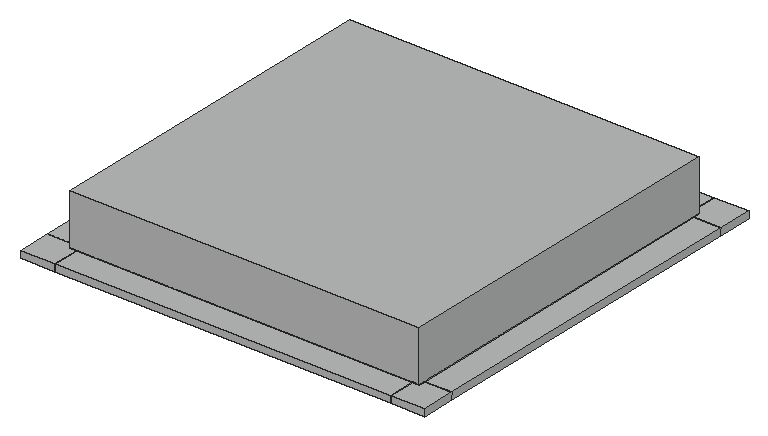
Revit family "ALUMOGIPS", category Осветительные приборы, Revit 2019 (continued)
Types (72, lengths in mm): name | Файл фотометрической сетки | built-in parameter 1150105 | Lumens | built-in parameter 1150106 | built-in parameter 1150142 | Wattage | Emit from Rectangle Width | Emit from Rectangle Length | Длина | Материал светильника | Ширина | ADSK_Ток | ADSK_Полная мощность | ADSK_Обозначение | ADSK_Номинальная мощность | ADSK_Наименование | ADSK_Масса | ADSK_Код изделия
    97 0.197 0.197 0.197 0.197 0.098 0.098 0.098 0.098 0.098 0.098 0.098 0.098 0.000 0.000 0.000 0.000 \r\n1417.637 1418.525 1416.551 1412.506 1405.994 1396.621 1384.781 1369.783 1352.419 1332.587 1311.077 1287.003 1261.053 1233.427 1203.827 1172.549 1139.497 1104.963 \r\n1069.345 1032.345 994.260 954.892 914.932 873.887 832.152 789.824 747.101 704.082 660.176 616.565 572.462 527.864 484.254 439.855 395.849 352.337 309.714 268.076 227.722 188.157 \r\n148.295 112.578 78.933 47.360 19.042 0.592 0.592 0.493 0.493 0.493 0.493 0.493 0.493 0.493 0.493 0.395 0.395 0.395 0.395 0.395 0.395 0.395 0.395 0.296 0.296 0.296 0.296 0.296 0.296 0.296 0.296 0.197 \r\n0.197 0.197 0.197 0.197 0.197 0.197 0.197 0.098 0.098 0.098 0.098 0.098 0.098 0.098 0.098 0.000 0.000 0.000 0.000 \r\n1417.637 1418.525 1416.453 1412.309 1405.796 1396.325 1384.485 1369.388 1352.024 1332.192 1310.584 1286.509 1260.560 1232.835 1203.235 1171.958 1138.905 1104.371 \r\n1068.654 1031.655 993.569 954.202 914.143 873.098 831.460 789.133 746.410 703.392 659.485 615.874 571.870 527.273 483.662 439.262 395.257 351.844 309.319 267.583 227.229 187.762 \r\n148.000 112.282 78.637 47.163 18.845 0.592 0.592 0.493 0.493 0.493 0.493 0.493 0.493 0.493 0.493 0.395 0.395 0.395 0.395 0.395 0.395 0.395 0.395 0.296 0.296 0.296 0.296 0.296 0.296 0.296 0.296 0.197 \r\n0.197 0.197 0.197 0.197 0.197 0.197 0.197 0.098 0.098 0.098 0.098 0.098 0.098 0.098 0.098 0.000 0.000 0.000 0.000 \r\n1417.637 1418.426 1416.354 1412.211 1405.501 1396.029 1384.090 1369.093 1351.629 1331.797 1310.189 1286.016 1259.968 1232.341 1202.643 1171.366 1138.214 1103.680 \r\n1068.062 1030.964 992.878 953.511 913.452 872.407 830.770 788.442 745.818 702.799 658.893 615.283 571.179 526.680 483.070 438.769 394.763 351.350 308.826 267.188 226.834 187.466 \r\n147.703 111.987 78.440 46.866 18.648 0.592 0.592 0.493 0.493 0.493 0.493 0.493 0.493 0.493 0.493 0.395 0.395 0.395 0.395 0.395 0.395 0.395 0.395 0.296 0.296 0.296 0.296 0.296 0.296 0.296 0.296 0.197 \r\n0.197 0.197 0.197 0.197 0.197 0.197 0.197 0.098 0.098 0.098 0.098 0.098 0.098 0.098 0.098 0.000 0.000 0.000 0.000 \r\n1417.637 1418.426 1416.255 1412.013 1405.303 1395.831 1383.794 1368.698 1351.234 1331.304 1309.696 1285.522 1259.474 1231.750 1202.051 1170.675 1137.622 1103.089 \r\n1067.372 1030.273 992.188 952.820 912.762 871.716 830.079 787.751 745.127 702.109 658.202 614.593 570.587 526.088 482.478 438.177 394.171 350.857 308.332 266.793 226.439 187.071 \r\n147.309 111.690 78.144 46.670 18.451 0.592 0.592 0.493 0.493 0.493 0.493 0.493 0.493 0.493 0.493 0.395 0.395 0.395 0.395 0.395 0.395 0.395 0.395 0.296 0.296 0.296 0.296 0.296 0.296 0.296 0.296 0.197 \r\n0.197 0.197 0.197 0.197 0.197 0.197 0.197 0.098 0.098 0.098 0.098 0.098 0.098 0.098 0.098 0.000 0.000 0.000 0.000 \r\n1417.637 1418.327 1416.156 1411.816 1405.106 1395.535 1383.498 1368.304 1350.839 1330.909 1309.203 1285.029 1258.981 1231.256 1201.459 1170.083 1137.030 1102.398 \r\n1066.680 1029.681 991.497 952.129 912.071 871.026 829.388 787.061 744.437 701.418 657.512 613.901 569.995 525.398 481.886 437.585 393.678 350.364 307.938 266.300 226.044 186.676 \r\n147.012 111.493 77.848 46.472 18.154 0.592 0.592 0.493 0.493 0.493 0.493 0.493 0.493 0.493 0.493 0.395 0.395 0.395 0.395 0.395 0.395 0.395 0.395 0.296 0.296 0.296 0.296 0.296 0.296 0.296 0.296 0.197 \r\n0.197 0.197 0.197 0.197 0.197 0.197 0.197 0.098 0.098 0.098 0.098 0.098 0.098 0.098 0.098 0.000 0.000 0.000 0.000 \r\n1417.637 1418.327 1416.058 1411.716 1404.810 1395.240 1383.202 1367.909 1350.445 1330.514 1308.808 1284.536 1258.488 1230.664 1200.867 1169.491 1136.339 1101.806 \r\n1066.089 1028.991 990.807 951.438 911.381 870.335 828.698 786.370 743.746 700.728 656.920 613.310 569.304 524.806 481.294 437.091 393.185 349.871 307.444 265.905 225.650 186.381 \r\n146.717 111.197 77.650 46.176 17.957 0.592 0.592 0.493 0.493 0.493 0.493 0.493 0.493 0.493 0.493 0.395 0.395 0.395 0.395 0.395 0.395 0.395 0.395 0.296 0.296 0.296 0.296 0.296 0.296 0.296 0.296 0.197 \r\n0.197 0.197 0.197 0.197 0.197 0.197 0.197 0.098 0.098 0.098 0.098 0.098 0.098 0.098 0.098 0.000 0.000 0.000 0.000 \r\n1417.637 1418.229 1415.960 1411.519 1404.613 1394.943 1382.807 1367.612 1350.051 1330.119 1308.315 1284.043 1257.896 1230.072 1200.275 1168.899 1135.748 1101.116 \r\n1065.398 1028.300 990.115 950.748 910.689 869.644 828.007 785.679 743.056 700.037 656.229 612.619 568.713 524.214 480.702 436.499 392.593 349.377 306.951 265.511 225.255 185.986 \r\n146.421 110.901 77.355 45.978 17.759 0.592 0.592 0.493 0.493 0.493 0.493 0.493 0.493 0.493 0.493 0.395 0.395 0.395 0.395 0.395 0.395 0.395 0.395 0.296 0.296 0.296 0.296 0.296 0.296 0.296 0.296 0.197 \r\n0.197 0.197 0.197 0.197 0.197 0.197 0.197 0.098 0.098 0.098 0.098 0.098 0.098 0.098 0.098 0.000 0.000 0.000 0.000 \r\n1417.637 1418.229 1415.861 1411.421 1404.415 1394.746 1382.512 1367.219 1349.656 1329.626 1307.821 1283.549 1257.403 1229.579 1199.782 1168.209 1135.155 1100.523 \r\n1064.708 1027.609 989.425 950.057 909.998 868.855 827.317 784.989 742.365 699.347 655.538 611.928 568.021 523.622 480.110 436.006 392.100 348.884 306.556 265.017 224.860 185.591 \r\n146.026 110.605 77.157 45.781 17.464 0.592 0.592 0.493 0.493 0.493 0.493 0.493 0.493 0.493 0.493 0.395 0.395 0.395 0.395 0.395 0.395 0.395 0.395 0.296 0.296 0.296 0.296 0.296 0.296 0.296 0.296 0.197 \r\n0.197 0.197 0.197 0.197 0.197 0.197 0.197 0.098 0.098 0.098 0.098 0.098 0.098 0.098 0.098 0.000 0.000 0.000 0.000 \r\n1417.637 1418.130 1415.762 1411.223 1404.218 1394.450 1382.216 1366.824 1349.261 1329.231 1307.427 1283.056 1256.910 1228.987 1199.190 1167.616 1134.563 1099.833 \r\n1064.016 1026.918 988.833 949.367 909.308 868.165 826.625 784.298 741.674 698.656 654.946 611.336 567.430 523.030 479.518 435.414 391.606 348.391 306.063 264.623 224.465 185.196 \r\n145.730 110.309 76.861 45.485 17.266 0.592 0.592 0.493 0.493 0.493 0.493 0.493 0.493 0.493 0.493 0.395 0.395 0.395 0.395 0.395 0.395 0.395 0.395 0.296 0.296 0.296 0.296 0.296 0.296 0.296 0.296 0.197 \r\n0.197 0.197 0.197 0.197 0.197 0.197 0.197 0.098 0.098 0.098 0.098 0.098 0.098 0.098 0.098 0.000 0.000 0.000 0.000 \r\n1417.637 1418.130 1415.565 1411.026 1403.922 1394.154 1381.919 1366.527 1348.866 1328.837 1306.933 1282.563 1256.416 1228.494 1198.597 1167.024 1133.873 1099.241 \r\n1063.425 1026.228 988.143 948.676 908.519 867.474 825.935 783.608 740.983 698.064 654.256 610.646 566.739 522.438 478.926 434.822 391.014 347.897 305.569 264.229 224.072 184.901 \r\n145.434 110.013 76.565 45.288 17.069 0.592 0.592 0.493 0.493 0.493 0.493 0.493 0.493 0.493 0.493 0.395 0.395 0.395 0.395 0.395 0.395 0.395 0.395 0.296 0.296 0.296 0.296 0.296 0.296 0.296 0.296 0.197 \r\n0.197 0.197 0.197 0.197 0.197 0.197 0.197 0.098 0.098 0.098 0.098 0.098 0.098 0.098 0.098 0.000 0.000 0.000 0.000 \r\n1417.637 1418.031 1415.466 1410.928 1403.725 1393.858 1381.524 1366.133 1348.472 1328.443 1306.440 1282.070 1255.824 1227.901 1198.006 1166.433 1133.280 1098.550 \r\n1062.735 1025.537 987.451 947.887 907.829 866.784 825.244 782.916 740.293 697.373 653.565 610.053 566.147 521.747 478.334 434.328 390.521 347.404 305.175 263.735 223.677 184.506 \r\n145.039 109.717 76.368 44.992 16.871 0.592 0.592 0.493 0.493 0.493 0.493 0.493 0.493 0.493 0.493 0.395 0.395 0.395 0.395 0.395 0.395 0.395 0.395 0.296 0.296 0.296 0.296 0.296 0.296 0.296 0.296 0.197 \r\n0.197 0.197 0.197 0.197 0.197 0.197 0.197 0.098 0.098 0.098 0.098 0.098 0.098 0.098 0.098 0.000 0.000 0.000 0.000 \r\n1417.637 1418.031 1415.368 1410.730 1403.527 1393.562 1381.229 1365.738 1348.077 1327.949 1306.045 1281.575 1255.331 1227.310 1197.414 1165.841 1132.689 1097.958 \r\n1062.043 1024.846 986.761 947.196 907.137 866.092 824.554 782.226 739.602 696.683 652.973 609.363 565.456 521.155 477.742 433.737 390.028 346.910 304.681 263.341 223.282 184.111 \r\n144.743 109.421 76.072 44.794 16.576 0.592 0.592 0.493 0.493 0.493 0.493 0.493 0.493 0.493 0.493 0.395 0.395 0.395 0.395 0.395 0.395 0.395 0.395 0.296 0.296 0.296 0.296 0.296 0.296 0.296 0.296 0.197 \r\n0.197 0.197 0.197 0.197 0.197 0.197 0.197 0.098 0.098 0.098 0.098 0.098 0.098 0.098 0.098 0.000 0.000 0.000 0.000 \r\n1417.637 1417.932 1415.268 1410.533 1403.232 1393.365 1380.933 1365.443 1347.682 1327.555 1305.552 1281.082 1254.837 1226.816 1196.821 1165.150 1131.998 1097.267 \r\n1061.452 1024.254 986.070 946.506 906.447 865.401 823.863 781.535 738.912 695.991 652.282 608.672 564.864 520.563 477.150 433.145 389.436 346.417 304.287 262.946 222.887 183.815 \r\n144.448 109.125 75.874 44.597 16.378 0.592 0.592 0.493 0.493 0.493 0.493 0.493 0.493 0.493 0.493 0.395 0.395 0.395 0.395 0.395 0.395 0.395 0.395 0.296 0.296 0.296 0.296 0.296 0.296 0.296 0.296 0.197 \r\n0.197 0.197 0.197 0.197 0.197 0.197 0.197 0.098 0.098 0.098 0.098 0.098 0.098 0.098 0.098 0.000 0.000 0.000 0.000 \r\n1417.637 1417.932 1415.170 1410.434 1403.034 1393.069 1380.636 1365.048 1347.287 1327.160 1305.157 1280.589 1254.344 1226.225 1196.230 1164.558 1131.406 1096.675 \r\n1060.761 1023.564 985.380 945.815 905.756 864.613 823.173 780.845 738.221 695.301 651.592 608.080 564.174 519.971 476.558 432.652 388.943 345.924 303.794 262.453 222.492 183.420 \r\n144.151 108.829 75.579 44.301 16.181 0.592 0.592 0.493 0.493 0.493 0.493 0.493 0.493 0.493 0.493 0.395 0.395 0.395 0.395 0.395 0.395 0.395 0.395 0.296 0.296 0.296 0.296 0.296 0.296 0.296 0.296 0.197 \r\n0.197 0.197 0.197 0.197 0.197 0.197 0.197 0.098 0.098 0.098 0.098 0.098 0.098 0.098 0.098 0.000 0.000 0.000 0.000 \r\n1417.637 1417.834 1415.071 1410.237 1402.837 1392.772 1380.243 1364.653 1346.892 1326.765 1304.664 1280.096 1253.752 1225.730 1195.638 1163.965 1130.814 1095.984 \r\n1060.071 1022.873 984.689 945.124 905.066 863.922 822.482 780.154 737.531 694.610 651.000 607.390 563.581 519.379 475.966 432.059 388.350 345.431 303.300 262.058 222.098 183.026 \r\n143.757 108.533 75.282 44.104 15.983 0.592 0.592 0.493 0.493 0.493 0.493 0.493 0.493 0.493 0.493 0.395 0.395 0.395 0.395 0.395 0.395 0.395 0.395 0.296 0.296 0.296 0.296 0.296 0.296 0.296 0.296 0.197 \r\n0.197 0.197 0.197 0.197 0.197 0.197 0.197 0.098 0.098 0.098 0.098 0.098 0.098 0.098 0.098 0.000 0.000 0.000 0.000 \r\n1417.637 1417.834 1414.973 1410.138 1402.541 1392.477 1379.946 1364.258 1346.499 1326.272 1304.171 1279.603 1253.259 1225.139 1195.045 1163.374 1130.123 1095.393 \r\n1059.478 1022.183 983.999 944.433 904.375 863.231 821.792 779.464 736.840 693.920 650.309 606.699 562.891 518.787 475.374 431.566 387.857 344.937 302.906 261.663 221.703 182.730 \r\n143.461 108.237 75.085 43.906 15.688 0.592 0.592 0.493 0.493 0.493 0.493 0.493 0.493 0.493 0.493 0.395 0.395 0.395 0.395 0.395 0.395 0.395 0.395 0.296 0.296 0.296 0.296 0.296 0.296 0.296 0.296 0.197 \r\n0.197 0.197 0.197 0.197 0.197 0.197 0.197 0.098 0.098 0.098 0.098 0.098 0.098 0.098 0.098 0.000 0.000 0.000 0.000 \r\n1417.637 1417.736 1414.874 1409.940 1402.344 1392.181 1379.650 1363.962 1346.104 1325.877 1303.776 1279.109 1252.766 1224.547 1194.454 1162.782 1129.531 1094.702 \r\n1058.788 1021.492 983.308 943.742 903.684 862.540 821.100 778.773 736.148 693.327 649.618 606.107 562.298 518.096 474.782 430.974 387.364 344.444 302.412 261.170 221.308 182.335 \r\n143.165 108.040 74.789 43.611 15.490 0.592 0.592 0.493 0.493 0.493 0.493 0.493 0.493 0.493 0.493 0.395 0.395 0.395 0.395 0.395 0.395 0.395 0.395 0.296 0.296 0.296 0.296 0.296 0.296 0.296 0.296 0.197 \r\n0.197 0.197 0.197 0.197 0.197 0.197 0.197 0.098 0.098 0.098 0.098 0.098 0.098 0.098 0.098 0.000 0.000 0.000 0.000 \r\n1417.637 1417.736 1414.775 1409.743 1402.146 1391.984 1379.355 1363.568 1345.709 1325.482 1303.283 1278.616 1252.272 1224.054 1193.862 1162.091 1128.940 1094.110 \r\n1058.097 1020.801 982.617 943.052 902.994 861.850 820.410 778.082 735.458 692.637 649.027 605.416 561.608 517.504 474.190 430.383 386.772 343.951 301.918 260.775 220.913 181.941 \r\n142.770 107.743 74.592 43.413 15.293 0.592 0.592 0.493 0.493 0.493 0.493 0.493 0.493 0.493 0.493 0.395 0.395 0.395 0.395 0.395 0.395 0.395 0.395 0.296 0.296 0.296 0.296 0.296 0.296 0.296 0.296 0.197 \r\n0.197 0.197 0.197 0.197 0.197 0.197 0.197 0.098 0.098 0.098 0.098 0.098 0.098 0.098 0.098 0.000 0.000 0.000 0.000 \r\n1417.637 1417.637 1414.677 1409.645 1401.851 1391.688 1378.960 1363.173 1345.314 1325.088 1302.790 1278.123 1251.680 1223.461 1193.269 1161.499 1128.249 1093.518 \r\n1057.406 1020.110 981.926 942.361 902.204 861.159 819.719 777.391 734.867 691.946 648.335 604.726 561.017 516.913 473.598 429.888 386.279 343.458 301.524 260.380 220.519 181.644 \r\n142.474 107.448 74.296 43.216 15.096 0.592 0.592 0.493 0.493 0.493 0.493 0.493 0.493 0.493 0.493 0.395 0.395 0.395 0.395 0.395 0.395 0.395 0.395 0.296 0.296 0.296 0.296 0.296 0.296 0.296 0.296 0.197 \r\n0.197 0.197 0.197 0.197 0.197 0.197 0.197 0.098 0.098 0.098 0.098 0.098 0.098 0.098 0.098 0.000 0.000 0.000 0.000 \r\n1417.637 1417.637 1414.578 1409.447 1401.653 1391.391 1378.663 1362.877 1344.920 1324.693 1302.395 1277.630 1251.187 1222.968 1192.678 1160.908 1127.657 1092.827 \r\n1056.814 1019.419 981.236 941.671 901.514 860.369 819.028 776.701 734.175 691.256 647.645 604.133 560.326 516.320 473.006 429.297 385.785 342.963 301.030 259.887 220.125 181.249 \r\n142.178 107.152 74.099 42.920 14.800 0.592 0.592 0.493 0.493 0.493 0.493 0.493 0.493 0.493 0.493 0.395 0.395 0.395 0.395 0.395 0.395 0.395 0.395 0.296 0.296 0.296 0.296 0.296 0.296 0.296 0.296 0.197 \r\n0.197 0.197 0.197 0.197 0.197 0.197 0.197 0.098 0.098 0.098 0.098 0.098 0.098 0.098 0.098 0.000 0.000 0.000 0.000 \r\n1417.637 1417.538 1414.480 1409.250 1401.456 1391.096 1378.367 1362.482 1344.525 1324.200 1301.902 1277.136 1250.693 1222.376 1192.184 1160.315 1127.064 1092.235 \r\n1056.124 1018.828 980.545 940.980 900.823 859.679 818.338 776.010 733.485 690.565 647.054 603.443 559.734 515.728 472.414 428.705 385.193 342.470 300.537 259.492 219.730 180.856 \r\n141.882 106.855 73.802 42.723 14.602 0.592 0.592 0.493 0.493 0.493 0.493 0.493 0.493 0.493 0.493 0.395 0.395 0.395 0.395 0.395 0.395 0.395 0.395 0.296 0.296 0.296 0.296 0.296 0.296 0.296 0.296 0.197 \r\n0.197 0.197 0.197 0.197 0.197 0.197 0.197 0.098 0.098 0.098 0.098 0.098 0.098 0.098 0.098 0.000 0.000 0.000 0.000 \r\n1417.637 1417.538 1414.380 1409.152 1401.258 1390.898 1378.072 1362.087 1344.130 1323.805 1301.408 1276.643 1250.200 1221.784 1191.593 1159.625 1126.374 1091.545 \r\n1055.433 1018.137 979.855 940.290 900.133 858.988 817.647 775.221 732.794 689.875 646.362 602.851 559.043 515.137 471.822 428.212 384.700 341.977 300.142 259.097 219.335 180.559 \r\n141.487 106.560 73.506 42.525 14.405 0.592 0.592 0.493 0.493 0.493 0.493 0.493 0.493 0.493 0.493 0.395 0.395 0.395 0.395 0.395 0.395 0.395 0.395 0.296 0.296 0.296 0.296 0.296 0.296 0.296 0.296 0.197 \r\n0.197 0.197 0.197 0.197 0.197 0.197 0.197 0.098 0.098 0.098 0.098 0.098 0.098 0.098 0.098 0.000 0.000 0.000 0.000 \r\n1417.637 1417.439 1414.282 1408.954 1400.963 1390.603 1377.677 1361.792 1343.735 1323.410 1301.014 1276.149 1249.608 1221.291 1191.000 1159.032 1125.782 1090.953 \r\n1054.841 1017.446 979.164 939.500 899.442 858.298 816.957 774.530 732.103 689.184 645.672 602.160 558.451 514.446 471.230 427.619 384.108 341.484 299.649 258.604 218.940 180.165 \r\n141.191 106.264 73.309 42.229 14.208 0.592 0.592 0.493 0.493 0.493 0.493 0.493 0.493 0.493 0.493 0.395 0.395 0.395 0.395 0.395 0.395 0.395 0.395 0.296 0.296 0.296 0.296 0.296 0.296 0.296 0.296 0.197 \r\n0.197 0.197 0.197 0.197 0.197 0.197 0.197 0.098 0.098 0.098 0.098 0.098 0.098 0.098 0.098 0.000 0.000 0.000 0.000 \r\n1417.637 1417.439 1414.183 1408.855 1400.765 1390.306 1377.381 1361.397 1343.341 1323.015 1300.520 1275.656 1249.114 1220.699 1190.408 1158.440 1125.190 1090.262 \r\n1054.151 1016.755 978.473 938.809 898.750 857.607 816.266 773.839 731.413 688.592 645.080 601.469 557.859 513.854 470.638 427.126 383.615 340.990 299.254 258.209 218.546 179.770 \r\n140.896 105.967 73.013 42.031 13.912 0.592 0.592 0.493 0.493 0.493 0.493 0.493 0.493 0.493 0.493 0.395 0.395 0.395 0.395 0.395 0.395 0.395 0.395 0.296 0.296 0.296 0.296 0.296 0.296 0.296 0.296 0.197 \r\n0.197 0.197 0.197 0.197 0.197 0.197 0.197 0.098 0.098 0.098 0.098 0.098 0.098 0.098 0.098 0.000 0.000 0.000 0.000 \r\n1417.637 1417.341 1414.085 1408.658
